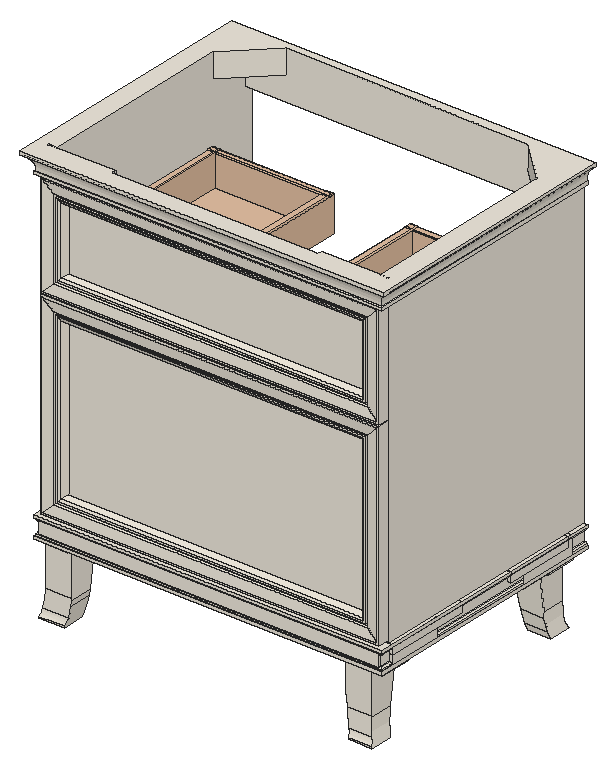
Revit family "Furniture-Floor_Mount-Vanity-KOHLER-Artifacts-K-29480_1", category Casework, host Face, Revit 2021 (continued)
Definition of nested family "K-29480"
  Lines and regions (in)
    symbolic lines, detail levels medium+fine
      curve 243: line (0, -9.2913, 32.79638) -> (0, 10.94488, 32.79638)
      curve 244: line (0, 9.51265, 0.11811) -> (0, 8.91254, 0.11811)
      curve 245: line (0, 9.96048, 0.23716) -> (0, 8.11732, 0.23716)
      curve 246: line (0, -9.82645, 0.11811) -> (0, -8.91254, 0.11811)
      curve 247: line (0, -8.43228, 0.23716) -> (0, -10.27428, 0.23716)
      curve 248: line (0, 6.74649, 5.55302) -> (0, 9.64542, 5.55302)
      curve 249: line (0, 9.64552, 5.82749) -> (0, 5.38426, 5.82749)
      curve 250: line (0, 6.92864, 5.82749) -> (0, 6.92864, 5.55302)
      curve 251: line (0, -5.69806, 5.82787) -> (0, -10.15712, 5.82787)
      curve 252: line (0, -7.56634, 5.55302) -> (0, -9.95926, 5.55302)
      curve 253: line (0, -6.99564, 5.82787) -> (0, -6.99564, 5.55302)
      curve 254: line (0, -10.35444, 6.06387) -> (0, 10.94348, 6.06387)
      curve 255: line (0, -10.35444, 6.18187) -> (0, 10.94507, 6.18187)
      curve 256: line (0, -10.15748, 6.30031) -> (0, 10.94488, 6.30031)
      curve 257: line (0, -10.15748, 7.16645) -> (0, 10.94488, 7.16645)
      curve 258: line (0, -10.35444, 7.2849) -> (0, 10.94415, 7.2849)
      curve 259: line (0, -10.35444, 7.4029) -> (0, 10.94584, 7.4029)
      curve 260: line (0, -9.21273, 7.6389) -> (0, 10.94488, 7.6389)
      curve 261: line (0, -9.3306, 24.8823) -> (0, -9.3306, 32.6779)
      curve 262: line (0, -9.2126, 32.67787) -> (0, -9.2126, 24.8823)
      curve 263: line (0, -9.3306, 15.69985) -> (0, -9.3306, 9.29233)
      curve 264: line (0, -9.2126, 9.30651) -> (0, -9.2126, 15.80257)
  Dimensions and locks (in)
    plane 4 to plane 5 = 21.88976"
    plane 4 to plane 7 = 1.29921"
    plane 8 to plane 9 = 18.4252"
    plane 15 to plane 10 = 12.16535"
    plane 16 to plane 15 = 18.38583"
    plane 3 "Center (Left/Right)" to plane 13 "a" = 13.34646"
    plane 18 "b" to plane 13 "a" = 26.69291"
    plane 17 to plane 12 = 30"
    aligned and locked: level to plane 2
Types (6): name | Type | Model | Product Finish | Finish
  (no name) | 1 | "K-29480-1WA" | Kohler-Wood-1WA-Linen_White | "Kohler-Wood-1WA-Linen White"
  1WA-Linen White | 1 | "K-29480-1WA" | Kohler-Wood-1WA-Linen_White | "Kohler-Wood-1WA-Linen White"
  1WX-New Dark Grey | 2 | "K-29480-1WX" | KOHLER-Wood-1WX-New_Dark_Grey | "Kohler-Wood-1WX-New_Dark_Grey"
  AGA-Ash Grey | 3 | "K-29480-AGA" | KOHLER-Wood-AGA-Ash_Grey | "KOHLER-Wood-AGA-Ash_Grey"
  WEK-Weathered Oak | 5 | "K-29480-WEK" | KOHLER-Wood-WEK-Weathered_Oak | "KOHLER-Wood-WEK-Weathered_Oak"
  BWK-Carbon Oak | 4 | "K-29480-BWK" | KOHLER-Wood-BWK-Carbon_Oak | "KOHLER-Wood-BWK-Carbon_Oak"
